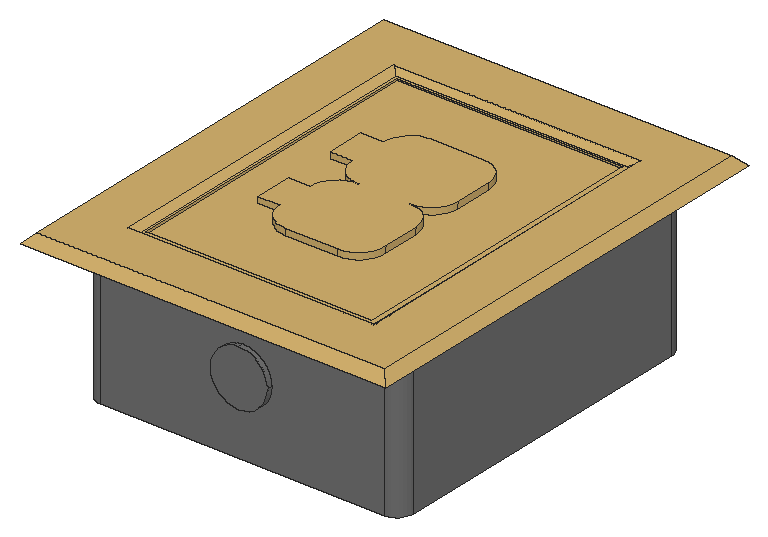
Revit family "Electrical_Equipment-Floor_Box-Hubbell_Wiring-1_Gang-Rectangular_Cast_Iron-B2414", category Electrical Fixtures, host Face, Revit 2015
Parameters (values of type "B2414 - 1 Gang - Brass Collar")
  Unit Height [instance] = 0' - 2"  # constant formula
  URL = "http://www.hubbell-wiring.com/"
  Product data url = "https://bimobject.com/hubbellwiring/product/systemone-b2414"
  Product Page URL = "http://ecatalog.hubbell-wiring.com/productinformation/viewcatalog.aspx?Dest=hubbell-wiring.com/press/catalog/L.pdf&Page=4"
  Product Documentation Link = "http://ecatalog.hubbell-wiring.com/press/catalog/L-12.pdf"
  Model = "B2414"
  Manufacturer = "Hubbell-Wiring"  # constant formula
  Floor Box Type = Cast Iron Concrete Floor Box : B2414 - Shallow Concrete Floor Box
  Description = "Flush Rectangular Cast Iron Concrete Floor Box"  # constant formula
  Default Elevation = 0' - 0"
  Cover Type [instance] = Covers : S3825 - Duplex Flap - Brass
  Cover Accessory Type [instance] = Carpet Flange : SB3083 - Carpet Flange - Brass
  Construction Note [instance] = "Match Collar Material to Cover"  # constant formula
  Conduit Connector_2 Description = "Conduit 0.75in. Connection"
  Conduit Connector_1 Description = "Conduit 0.75in. Connection"
  Conduit Connector 1 Radius = 0' - 0 3/8"
  Collar Material = Metal-Hubbell-Brass
  Box Material = Metal-Hubbell-Cast Iron
  Assembly Code = "D5020115"
Reference planes (in)
  plane 1 "Center (Front/Back)": y = 0
  plane 2: z = 0
  plane 3 "Center (Left/Right)": x = 0
  plane 4: y = -2.078
  plane 5: y = 2.078
  plane 6: x = -1.4965
  plane 7: x = 1.4965
Forms (in)
  Extrusion 1, void, detail levels fine
    sketch origin (0, 0, 0) x (1, 0, 0) y (0, 1, 0)
      loop
        line (-1.4965, 2.078) -> (-1.4965, -2.078) -> (1.4965, -2.078) -> (1.4965, 2.078) -> (-1.4965, 2.078)
    from 0 to -3.14844
Lines and regions (in)
  symbolic lines
    curve 1: line (-2.42578, 3, 0) -> (2.42578, 3, 0)
    curve 2: line (-2.42578, -3, 0) -> (-2.42578, 3, 0)
    curve 3: line (2.42578, -3, 0) -> (-2.42578, -3, 0)
    curve 4: line (2.42578, 3, 0) -> (2.42578, -3, 0)
Dimensions and locks (in)
  locked: host face to nested 3 at 0.04297
  plane 5 to plane 1 "Center (Front/Back)" to plane 4 = 0' - 2.078" locked, 0' - 2.078" locked
  plane 6 to plane 3 "Center (Left/Right)" to plane 7 = 0' - 1.4965" locked, 0' - 1.4965" locked
  Extrusion 1 to plane 3 "Center (Left/Right)" = 0' - 1.4965"
  aligned and locked: plane 2 to host face
  aligned and locked: level to host face
  aligned: level to Extrusion 1
  aligned and locked: plane 1 "Center (Front/Back)" to nested 1
  aligned: plane 2 to nested 1  (x4)
  aligned: Extrusion 1 to nested 1  (x9)
  aligned and locked: plane 1 "Center (Front/Back)" to nested 2
  aligned and locked: plane 3 "Center (Left/Right)" to nested 2
  aligned and locked: plane 3 "Center (Left/Right)" to nested 1
  aligned: nested 2 to plane 2  (x2)
  aligned: nested 2 to Extrusion 1
  aligned: Extrusion 1 to nested 2
  aligned and locked: nested 2 to plane 2
  aligned and locked: host face to Extrusion 1
  aligned and locked: plane 3 "Center (Left/Right)" to nested 3
  aligned and locked: plane 1 "Center (Front/Back)" to nested 3
  aligned and locked: Extrusion 1 to plane 5
  aligned and locked: Extrusion 1 to plane 4
  aligned and locked: plane 6 to Extrusion 1
  aligned and locked: plane 7 to Extrusion 1
  aligned and locked: curve 2 to nested 2
  aligned and locked: curve 3 to nested 2
  aligned and locked: curve 4 to nested 2
  aligned and locked: curve 1 to nested 2
Nested families (in)
  nested 1: "Cast Iron Concrete Floor Box" at (0, 0, 0), Unit Height <- "Unit Height", type <- "Floor Box Type", type "B2414 - Shallow Concrete Floor Box"
    with Unit Height 0' - 2"
  nested 2: "Carpet Flange" at (0, 0, 0), type <- "Cover Accessory Type", type "SB3083 - Carpet Flange - Brass"
  nested 3: "Covers" at (0, 0, -0.04297), type <- "Cover Type", type "S3825 - Duplex Flap - Brass"
Connectors (in)
  cabletrayconduit at (0, -2.4075, -1), diameter 0.75, driven by "Conduit Connector 1 Radius", driven by "Conduit Connector_1 Description"
    settings: on nested 1, index 1, connector width 1' - 0", connector height 1' - 0", connector angle 0.00°, system type 32, placement type 0, profile type 0, connector reference index -1, is primary connector yes, connector utility param no, connector description "Conduit 0.75in. Connection"
  cabletrayconduit at (0, 2.4075, -1), diameter 0.75, driven by "Conduit Connector 1 Radius", driven by "Conduit Connector_2 Description"
    settings: on nested 1, index 2, connector width 1' - 0", connector height 1' - 0", connector angle 0.00°, system type 32, placement type 0, profile type 0, connector reference index -1, is primary connector no, connector utility param no, connector description "Conduit 0.75in. Connection"
Definition of nested family "Cast Iron Concrete Floor Box"
  Parameters
    Unit Height [instance] = 0' - 2"
    Cover Material = none
    Conduit Connector Offset = 0' - 1"  # constant formula
    Conduit Connector 1 Radius = 0' - 0 3/8"
    Can Material = none
    Assembly Code = ""
  Reference planes (in)
    plane 1 "Center (Front/Back)": y = 0
    plane 2: z = 0
    plane 3 "Center (Left/Right)": x = 0
    plane 4: z = -2
    plane 5: z = -1
    plane 6: z = -0.82416
  Forms (in)
    Extrusion 1, solid, material <- "Can Material"
      sketch origin (0, 0, 0) x (1, 0, 0) y (0, 0, -1)
        loop
          arc (-0.375, 1) -> (-0.26517, 0.73483) -> (0, 0.625) r 0.375
          arc (0, 0.625) -> (0.26517, 0.73483) -> (0.375, 1) r 0.375
          arc (0.375, 1) -> (0.26517, 1.26517) -> (0, 1.375) r 0.375
          arc (0, 1.375) -> (-0.26517, 1.26517) -> (-0.375, 1) r 0.375
      from -2.13518 to -2.4075
    Extrusion 2, solid, material <- "Can Material"
      sketch origin (0, 0, 0) x (1, 0, 0) y (0, 0, 1)
        loop
          arc (-0.375, -1) -> (-0.26517, -1.26517) -> (0, -1.375) r 0.375
          arc (0, -1.375) -> (0.26517, -1.26517) -> (0.375, -1) r 0.375
          arc (0.375, -1) -> (0.26517, -0.73483) -> (0, -0.625) r 0.375
          arc (0, -0.625) -> (-0.26517, -0.73483) -> (-0.375, -1) r 0.375
      from -2.345 to -2.4075
    Extrusion 3, solid, material <- "Cover Material"
      sketch origin (0, 0, 0.22509) x (1, 0, 0) y (0, 1, 0)
        loop
          line (-1.4965, 2.078) -> (-1.4965, -2.078) -> (1.4965, -2.078) -> (1.4965, 2.078) -> (-1.4965, 2.078)
        loop
          arc (-1.49742, 2.345) -> (-1.57311, 2.31365) -> (-1.60446, 2.23796) r 0.10704
          line (-1.60446, 2.23796) -> (-1.60446, -2.23167)
          arc (-1.60446, -2.23167) -> (-1.57315, -2.30726) -> (-1.49756, -2.33857) r 0.1069
          line (-1.49756, -2.33857) -> (1.49823, -2.33857)
          arc (1.49823, -2.33857) -> (1.56869, -2.30939) -> (1.59787, -2.23893) r 0.09964
          line (1.59787, -2.23893) -> (1.59787, 2.24543)
          arc (1.59787, 2.24543) -> (1.56871, 2.31584) -> (1.4983, 2.345) r 0.09957
          line (1.4983, 2.345) -> (-1.49742, 2.345)
      from -0.39425 to -0.22509
    Extrusion 4, solid, material <- "Can Material"
      sketch origin (0.92025, 0.30752, 7.9375) x (1, 0, 0) y (0, 1, 0)
        loop
          arc (-2.80543, 2.03748) -> (-2.9538, 1.97602) -> (-3.01525, 1.82766) r 0.20982
          line (-3.01525, 1.82766) -> (-3.01525, -2.43885)
          arc (-3.01525, -2.43885) -> (-2.95455, -2.5854) -> (-2.80801, -2.6461) r 0.20725
          line (-2.80801, -2.6461) -> (0.95836, -2.6461)
          arc (0.95836, -2.6461) -> (1.11137, -2.58272) -> (1.17475, -2.42971) r 0.21639
          line (1.17475, -2.42971) -> (1.17475, 1.83391)
          arc (1.17475, 1.83391) -> (1.11513, 1.97785) -> (0.97118, 2.03748) r 0.20357
          line (0.97118, 2.03748) -> (-2.80543, 2.03748)
        loop
          line (-2.52471, 1.77048) -> (-2.52471, -2.38552) -> (0.67762, -2.38552) -> (0.67762, 1.77048) -> (-2.52471, 1.77048)
      from -9.9375 to -7.9375
    Extrusion 5, solid, material <- "Can Material"
      sketch origin (0, 0, 7.9375) x (1, 0, 0) y (0, 1, 0)
        loop
          line (-1.4965, 2.078) -> (-1.4965, -2.078) -> (1.4965, -2.078) -> (1.4965, 2.078) -> (-1.4965, 2.078)
        loop
          line (-1.60446, 2.23796) -> (-1.60446, -2.23167)
          arc (-1.60446, -2.23167) -> (-1.57315, -2.30726) -> (-1.49756, -2.33857) r 0.1069
          line (-1.49756, -2.33857) -> (1.49823, -2.33857)
          arc (1.49823, -2.33857) -> (1.56869, -2.30939) -> (1.59787, -2.23893) r 0.09964
          line (1.59787, -2.23893) -> (1.59787, 2.24543)
          arc (1.59787, 2.24543) -> (1.56871, 2.31584) -> (1.4983, 2.345) r 0.09957
          line (1.4983, 2.345) -> (-1.49742, 2.345)
          arc (-1.49742, 2.345) -> (-1.57311, 2.31365) -> (-1.60446, 2.23796) r 0.10704
      from -8.76166 to -8.10666
    Extrusion 6, solid, material <- "Cover Material"
      sketch origin (0, 0, 0) x (1, 0, 0) y (0, 1, 0)
        loop
          arc (-1.49742, 2.345) -> (-1.57311, 2.31365) -> (-1.60446, 2.23796) r 0.10704
          line (-1.60446, 2.23796) -> (-1.60446, -2.23167)
          arc (-1.60446, -2.23167) -> (-1.57315, -2.30726) -> (-1.49756, -2.33857) r 0.1069
          line (-1.49756, -2.33857) -> (1.49823, -2.33857)
          arc (1.49823, -2.33857) -> (1.56869, -2.30939) -> (1.59787, -2.23893) r 0.09964
          line (1.59787, -2.23893) -> (1.59787, 2.24543)
          arc (1.59787, 2.24543) -> (1.56871, 2.31584) -> (1.4983, 2.345) r 0.09957
          line (1.4983, 2.345) -> (-1.49742, 2.345)
        loop
          line (-1.4965, 2.078) -> (-1.4965, -2.078) -> (1.4965, -2.078) -> (1.4965, 2.078) -> (-1.4965, 2.078)
      from 0 to 0.0625
    Extrusion 7, solid, material <- "Can Material"
      sketch origin (0.92025, 0.30752, 7.9375) x (1, 0, 0) y (0, 1, 0)
        loop
          arc (-2.80543, 2.03748) -> (-2.9538, 1.97602) -> (-3.01525, 1.82766) r 0.20982
          line (-3.01525, 1.82766) -> (-3.01525, -2.43885)
          arc (-3.01525, -2.43885) -> (-2.95455, -2.5854) -> (-2.80801, -2.6461) r 0.20725
          line (-2.80801, -2.6461) -> (0.95836, -2.6461)
          arc (0.95836, -2.6461) -> (1.11137, -2.58272) -> (1.17475, -2.42971) r 0.21639
          line (1.17475, -2.42971) -> (1.17475, 1.83391)
          arc (1.17475, 1.83391) -> (1.11513, 1.97785) -> (0.97118, 2.03748) r 0.20357
          line (0.97118, 2.03748) -> (-2.80543, 2.03748)
      from -9.9375 to -9.78857
  Cuts and joins
    joined: Extrusion 1, Extrusion 2, Extrusion 4, Extrusion 5, Extrusion 7
    joined: Extrusion 3, Extrusion 6
  Dimensions and locks (in)
    "Conduit Connector Offset": plane 5 to plane 4
    "Unit Height": level to plane 4
    "Conduit Connector 1 Radius": radius of Extrusion 1 sketch curve
    "Conduit Connector 1 Radius": radius of Extrusion 2 sketch curve
    aligned and locked: plane 2 to level
    aligned: cut or joined group of Extrusion 1, Extrusion 2, Extrusion 4, Extrusion 5, Extrusion 7 to cut or joined group of Extrusion 1, Extrusion 2, Extrusion 4, Extrusion 5, Extrusion 7  (x7)
    aligned: plane 2 to Extrusion 3
    aligned: Extrusion 4 to cut or joined group of Extrusion 1, Extrusion 2, Extrusion 4, Extrusion 5, Extrusion 7
    aligned: plane 4 to Extrusion 4
    aligned and locked: level to Extrusion 3
    aligned: cut or joined group of Extrusion 1, Extrusion 2, Extrusion 4, Extrusion 5, Extrusion 7 to plane 4  (x5)
    aligned: cut or joined group of Extrusion 1, Extrusion 2, Extrusion 4, Extrusion 5, Extrusion 7 to Extrusion 3
    aligned and locked: cut or joined group of Extrusion 1, Extrusion 2, Extrusion 4, Extrusion 5, Extrusion 7 to plane 4
    aligned: plane 5 to Extrusion 4
    aligned: Extrusion 5 to plane 5
    aligned: plane 5 to cut or joined group of Extrusion 1, Extrusion 2, Extrusion 4, Extrusion 5, Extrusion 7
    aligned and locked: Extrusion 3 to Extrusion 5
    aligned: Extrusion 5 to plane 6
    aligned: Extrusion 4 to Extrusion 5
    aligned and locked: cut or joined group of Extrusion 1, Extrusion 2, Extrusion 4, Extrusion 5, Extrusion 7 to cut or joined group of Extrusion 1, Extrusion 2, Extrusion 4, Extrusion 5, Extrusion 7
    aligned: plane 1 "Center (Front/Back)" to cut or joined group of Extrusion 1, Extrusion 2, Extrusion 4, Extrusion 5, Extrusion 7  (x2)
    aligned and locked: level to Extrusion 4
  Automatic sketch dimensions
    Extrusion 1 sketch curve to Extrusion 1 sketch curve = 0' - 0"
    Extrusion 1 sketch curve to plane 5 = 0' - 0"
    Extrusion 1 sketch curve to plane 3 "Center (Left/Right)" = 0' - 0"
    Extrusion 2 sketch curve to Extrusion 2 sketch curve = 0' - 0"
    Extrusion 2 sketch curve to plane 5 = 0' - 0"
    Extrusion 2 sketch curve to plane 3 "Center (Left/Right)" = 0' - 0"
    Extrusion 5 sketch curve to plane 3 "Center (Left/Right)" = 0' - 1.4965"
    plane 3 "Center (Left/Right)" to Extrusion 5 sketch curve = 0' - 1.4965"
    Extrusion 5 sketch curve to plane 1 "Center (Front/Back)" = 0' - 2.078"
    plane 1 "Center (Front/Back)" to Extrusion 5 sketch curve = 0' - 2.078"
    Extrusion 3 sketch curve to plane 3 "Center (Left/Right)" = 0' - 1.60446"
    Extrusion 3 sketch curve to Extrusion 3 sketch curve = 0' - 0.1069"
    Extrusion 3 sketch curve to Extrusion 3 sketch curve = 0' - 0.10704"
    Extrusion 3 sketch curve to Extrusion 3 sketch curve = 0' - 0.00106"
    plane 3 "Center (Left/Right)" to Extrusion 3 sketch curve = 0' - 1.4965"
    Extrusion 3 sketch curve to Extrusion 3 sketch curve = 0' - 0.00173"
    Extrusion 3 sketch curve to Extrusion 3 sketch curve = 0' - 0.0018"
    plane 1 "Center (Front/Back)" to Extrusion 3 sketch curve = 0' - 2.33857"
    Extrusion 3 sketch curve to Extrusion 3 sketch curve = 0' - 0.16093"
    Extrusion 3 sketch curve to plane 1 "Center (Front/Back)" = 0' - 2.078"
    Extrusion 3 sketch curve to Extrusion 3 sketch curve = 0' - 0.15996"
    Extrusion 3 sketch curve to Extrusion 3 sketch curve = 0' - 0.09957"
    Extrusion 5 sketch curve to Extrusion 5 sketch curve = 0' - 0.00092"
    Extrusion 5 sketch curve to Extrusion 5 sketch curve = 0' - 0.00106"
    Extrusion 5 sketch curve to Extrusion 5 sketch curve = 0' - 0.10704"
    Extrusion 5 sketch curve to Extrusion 5 sketch curve = 0' - 0.00173"
    Extrusion 5 sketch curve to Extrusion 5 sketch curve = 0' - 0.0018"
    Extrusion 5 sketch curve to Extrusion 5 sketch curve = 0' - 0.09964"
    Extrusion 5 sketch curve to Extrusion 5 sketch curve = 0' - 0.15367"
    Extrusion 5 sketch curve to Extrusion 5 sketch curve = 0' - 0.15996"
    Extrusion 6 sketch curve to plane 3 "Center (Left/Right)" = 0' - 1.60446"
    Extrusion 6 sketch curve to Extrusion 6 sketch curve = 0' - 0.1069"
    Extrusion 6 sketch curve to Extrusion 6 sketch curve = 0' - 0.10704"
    plane 3 "Center (Left/Right)" to Extrusion 6 sketch curve = 0' - 1.49823"
    plane 3 "Center (Left/Right)" to Extrusion 6 sketch curve = 0' - 1.4983"
    Extrusion 6 sketch curve to Extrusion 6 sketch curve = 0' - 0.09957"
    plane 1 "Center (Front/Back)" to Extrusion 6 sketch curve = 0' - 2.33857"
    Extrusion 6 sketch curve to plane 1 "Center (Front/Back)" = 0' - 2.23796"
    Extrusion 6 sketch curve to Extrusion 6 sketch curve = 0' - 0.00092"
    Extrusion 6 sketch curve to Extrusion 6 sketch curve = 0' - 0.0018"
    Extrusion 6 sketch curve to Extrusion 6 sketch curve = 0' - 0.15367"
    Extrusion 6 sketch curve to Extrusion 6 sketch curve = 0' - 0.15996"
    Extrusion 4 sketch curve to plane 3 "Center (Left/Right)" = 0' - 2.095"
    Extrusion 4 sketch curve to Extrusion 4 sketch curve = 0' - 0.20725"
    Extrusion 4 sketch curve to Extrusion 4 sketch curve = 0' - 0.20982"
    Extrusion 4 sketch curve to Extrusion 4 sketch curve = 0' - 0.28073"
    plane 3 "Center (Left/Right)" to Extrusion 4 sketch curve = 0' - 1.59787"
    Extrusion 4 sketch curve to Extrusion 4 sketch curve = 0' - 0.28074"
    Extrusion 4 sketch curve to Extrusion 4 sketch curve = 0' - 0.29356"
    Extrusion 4 sketch curve to Extrusion 4 sketch curve = 0' - 0.20357"
    plane 1 "Center (Front/Back)" to Extrusion 4 sketch curve = 0' - 2.33857"
    Extrusion 4 sketch curve to Extrusion 4 sketch curve = 0' - 0.05333"
    Extrusion 4 sketch curve to plane 1 "Center (Front/Back)" = 0' - 2.078"
    Extrusion 4 sketch curve to Extrusion 4 sketch curve = 0' - 0.05718"
    Extrusion 7 sketch curve to plane 3 "Center (Left/Right)" = 0' - 2.095"
    Extrusion 7 sketch curve to Extrusion 7 sketch curve = 0' - 0.20725"
    Extrusion 7 sketch curve to Extrusion 7 sketch curve = 0' - 0.20982"
    Extrusion 7 sketch curve to Extrusion 7 sketch curve = 0' - 0.20357"
    plane 1 "Center (Front/Back)" to Extrusion 7 sketch curve = 0' - 2.33857"
    plane 3 "Center (Left/Right)" to Extrusion 7 sketch curve = 0' - 1.87861"
    plane 3 "Center (Left/Right)" to Extrusion 7 sketch curve = 0' - 1.89143"
    Extrusion 7 sketch curve to plane 1 "Center (Front/Back)" = 0' - 2.13518"
Definition of nested family "Carpet Flange"
  Parameters
    Width = 0' - 6"
    Length = 0' - 4 109/128"  # constant formula
    Cover Material = none
    Carpet Flange On = yes
    Assembly Code = ""
  Reference planes (in)
    plane 1 "Center (Front/Back)": y = 0
    plane 2: z = 0
    plane 3 "Center (Left/Right)": x = 0
    plane 4: z = 0.125
  Forms (in)
    Sweep 1, solid, material <- "Cover Material", visible <- "Carpet Flange On"
      path in 3D
        loop
          line (-2.42578, -3, 0) -> (2.42578, -3, 0) -> (2.42578, 3, 0) -> (-2.42578, 3, 0) -> (-2.42578, -3, 0)
      profile origin (-2.42578, 0, 0) x (1, 0, 0) y (0, 0, 1)
        loop
          line (0, 0) -> (0.91498, 0) -> (0.91498, 0.03877) -> (0.79, 0.125) -> (0.125, 0.125) -> (0, 0)
  Lines and regions (in)
    Masking region 1
      outline origin (3.27995, 0.00006, 0) x (1, 0, 0) y (0, 1, 0)
        loop
          line (-5.70573, 3.00006) -> (-5.70573, -3.00006) -> (-0.85417, -3.00006) -> (-0.85417, 3.00006) -> (-5.70573, 3.00006)
    reference lines
      curve 1: line (-2.42578, 3, 0) -> (-2.42578, -3, 0)
      curve 2: line (-2.42578, -3, 0) -> (2.42578, -3, 0)
      curve 3: line (2.42578, -3, 0) -> (2.42578, 3, 0)
      curve 4: line (2.42578, 3, 0) -> (-2.42578, 3, 0)
    sketch lines
      curve 5: line (-2.42578, 3, 0) -> (-2.42578, -3, 0)
      curve 6: line (2.42578, 3, 0) -> (-2.42578, 3, 0)
      curve 7: line (2.42578, -3, 0) -> (2.42578, 3, 0)
      curve 8: line (-2.42578, -3, 0) -> (2.42578, -3, 0)
  Dimensions and locks (in)
    "Length": curve 1 to curve 3
    equal spacing: curve 1, plane 3 "Center (Left/Right)", curve 3
    aligned and locked: plane 2 to level
    aligned and locked: curve 7 to curve 3
    aligned and locked: Masking region 1 to curve 3
    aligned and locked: Masking region 1 to curve 1
    aligned and locked: curve 5 to curve 1
  Automatic sketch dimensions
    plane 1 "Center (Front/Back)" to curve 1 = 0' - 3"
    curve 3 to plane 1 "Center (Front/Back)" = 0' - 3"
    Masking region 1 sketch curve to plane 3 "Center (Left/Right)" = 0' - 2 109/256"
    plane 3 "Center (Left/Right)" to Masking region 1 sketch curve = 0' - 2 109/256"
    plane 1 "Center (Front/Back)" to Masking region 1 sketch curve = 0' - 3"
    Masking region 1 sketch curve to plane 1 "Center (Front/Back)" = 0' - 3.00011"
    profile plane to Sweep 1 sketch curve = 0' - 0"  (x2)
    Sweep 1 sketch curve to plane 4 = 0' - 0"
    Sweep 1 sketch curve to profile plane = 0' - 0"  (x2)
    Sweep 1 sketch curve to profile plane = 0' - 0 1/8"
    Sweep 1 sketch curve to Sweep 1 sketch curve = 0' - 0.665"
    Sweep 1 sketch curve to Sweep 1 sketch curve = 0' - 0 1/8"
    profile plane to Sweep 1 sketch curve = 0' - 0.03877"
Definition of nested family "Covers"
  Parameters
    Style Line Flap = no
    Duplex Screw = no
    Duplex Flap = yes
    Cover Material = none
    Combination Flap = no
    Box = yes
    Assembly Code = ""
  Reference planes (in)
    plane 1 "Center (Front/Back)": y = 0
    plane 2: z = 0
    plane 3 "Center (Left/Right)": x = 0
  Forms (in)
    Extrusion 1, solid, material <- "Cover Material", visible <- "Duplex Flap", detail levels medium+fine
      sketch origin (0, 0, -0.03016) x (1, 0, 0) y (0, 1, 0)
        loop
          arc (-0.34332, 1.20711) -> (-0.59332, 1.10355) -> (-0.69687, 0.85355) r 0.35355
          line (-0.69687, 0.85355) -> (-0.98976, 0.85355) -> (-0.98976, 0.35355) -> (-0.69687, 0.35355)
          arc (-0.69687, 0.35355) -> (-0.59332, 0.10355) -> (-0.34332, 0) r 0.35355
          arc (-0.34332, 0) -> (-0.59332, -0.10355) -> (-0.69687, -0.35355) r 0.35355
          line (-0.69687, -0.35355) -> (-0.98976, -0.35355) -> (-0.98976, -0.85355) -> (-0.69687, -0.85355)
          arc (-0.69687, -0.85355) -> (-0.59332, -1.10355) -> (-0.34332, -1.20711) r 0.35355
          line (-0.34332, -1.20711) -> (0.34332, -1.20711)
          arc (0.34332, -1.20711) -> (0.59332, -1.10355) -> (0.69687, -0.85355) r 0.35355
          line (0.69687, -0.85355) -> (0.69687, -0.35355)
          arc (0.69687, -0.35355) -> (0.59332, -0.10355) -> (0.34332, 0) r 0.35355
          arc (0.34332, 0) -> (0.59332, 0.10355) -> (0.69687, 0.35355) r 0.35355
          line (0.69687, 0.35355) -> (0.69687, 0.85355)
          arc (0.69687, 0.85355) -> (0.59332, 1.10355) -> (0.34332, 1.20711) r 0.35355
          line (0.34332, 1.20711) -> (-0.34332, 1.20711)
      from 0.12 to 0.20228
    Extrusion 2, solid, material <- "Cover Material", visible <- "Combination Flap", detail levels medium+fine
      sketch origin (0.0053, 0, -0.03016) x (1, 0, 0) y (0, 1, 0)
        loop
          circle (0, 0) r 1
        loop
          line (-0.08565, 0.54465) -> (-0.08565, -0.54465) -> (0.0625, -0.54465) -> (0.0625, 0.54465) -> (-0.08565, 0.54465)
      from 0.12 to 0.20228
    Extrusion 3, solid, material <- "Cover Material", visible <- "Duplex Screw", detail levels medium+fine
      sketch origin (0.01567, 0.75003, -0.03016) x (1, 0, 0) y (0, 1, 0)
        loop
          circle (-0.01567, -0.00003) r 0.75
        loop
          line (-0.07309, 0.39733) -> (-0.07309, -0.41965) -> (0.0625, -0.41965) -> (0.0625, 0.39733) -> (-0.07309, 0.39733)
      from 0.12 to 0.20228
    Extrusion 4, solid, material <- "Cover Material", visible <- "Duplex Screw", detail levels medium+fine
      sketch origin (-0.01567, -0.75003, -0.03016) x (-1, 0, 0) y (0, -1, 0)
        loop
          circle (-0.01567, -0.00003) r 0.75
        loop
          line (-0.07309, 0.39733) -> (-0.07309, -0.41965) -> (0.0625, -0.41965) -> (0.0625, 0.39733) -> (-0.07309, 0.39733)
      from 0.12 to 0.20228
    Extrusion 5, solid, material <- "Cover Material", visible <- "Box"
      sketch origin (0, 0, 0.38984) x (1, 0, 0) y (0, 1, 0)
        loop
          line (-1.4965, 2.078) -> (-1.4965, -2.078) -> (1.4965, -2.078) -> (1.4965, 2.078) -> (-1.4965, 2.078)
      from -0.44 to -0.3
    Extrusion 6, solid, material <- "Cover Material", visible <- "Style Line Flap", detail levels medium+fine
      sketch origin (0, 0, -0.03016) x (1, 0, 0) y (0, 1, 0)
        loop
          line (-0.69687, 1.20711) -> (-0.69687, 0.85355) -> (-0.98976, 0.85355) -> (-0.98976, 0.35355) -> (-0.69687, 0.35355) -> (-0.69687, -0.35355) -> (-0.98976, -0.35355) -> (-0.98976, -0.85355) -> (-0.69687, -0.85355) -> (-0.69687, -1.20711) -> (0.69687, -1.20711) -> (0.69687, -0.24767) -> (0.69687, 1.20711) -> (-0.69687, 1.20711)
      from 0.12 to 0.20228
  Lines and regions (in)
    Masking region 1, detail levels medium+fine
      outline origin (0, 0, 0) x (1, 0, 0) y (0, 1, 0)
        loop
          line (-1.4965, 2.078) -> (-1.4965, -2.078) -> (1.4965, -2.078) -> (1.4965, 2.078) -> (-1.4965, 2.078)
    symbolic lines, visible <- "Duplex Screw", detail levels fine
      curve 1: arc (0, 1.5, 0) -> (-0.75, 0.75, 0) -> (0, 0, 0) r 0.75
      curve 2: arc (0, 0, 0) -> (0.75, 0.75, 0) -> (0, 1.5, 0) r 0.75
      curve 3: line (0.07893, 1.16886, 0) -> (0.07893, 0.35188, 0)
      curve 4: line (0.07893, 0.35188, 0) -> (-0.05666, 0.35188, 0)
      curve 5: line (-0.05666, 0.35188, 0) -> (-0.05666, 1.16886, 0)
      curve 6: line (-0.05666, 1.16886, 0) -> (0.07893, 1.16886, 0)
      curve 7: arc (0, 0, 0) -> (-0.75, -0.75, 0) -> (0, -1.5, 0) r 0.75
      curve 8: arc (0, -1.5, 0) -> (0.75, -0.75, 0) -> (0, 0, 0) r 0.75
      curve 9: line (-0.05666, -1.14812, 0) -> (-0.05666, -0.33114, 0)
      curve 10: line (0.07893, -1.14812, 0) -> (-0.05666, -1.14812, 0)
      curve 11: line (0.07893, -0.33114, 0) -> (0.07893, -1.14812, 0)
      curve 12: line (-0.05666, -0.33114, 0) -> (0.07893, -0.33114, 0)
    symbolic lines, visible <- "Duplex Flap", detail levels fine
      curve 13: arc (-0.69687, -0.85355, 0) -> (-0.59332, -1.10355, 0) -> (-0.34332, -1.20711, 0) r 0.35355
      curve 14: line (-0.34332, -1.20711, 0) -> (0.34332, -1.20711, 0)
      curve 15: arc (0.34332, -1.20711, 0) -> (0.59332, -1.10355, 0) -> (0.69687, -0.85355, 0) r 0.35355
      curve 16: line (0.69687, -0.85355, 0) -> (0.69687, -0.35355, 0)
      curve 17: arc (0.69687, -0.35355, 0) -> (0.59332, -0.10355, 0) -> (0.34332, 0, 0) r 0.35355
      curve 18: arc (0.34332, 0, 0) -> (0.59332, 0.10355, 0) -> (0.69687, 0.35355, 0) r 0.35355
      curve 19: line (0.69687, 0.35355, 0) -> (0.69687, 0.85355, 0)
      curve 20: arc (0.69687, 0.85355, 0) -> (0.59332, 1.10355, 0) -> (0.34332, 1.20711, 0) r 0.35355
      curve 21: line (0.34332, 1.20711, 0) -> (-0.34332, 1.20711, 0)
      curve 22: arc (-0.34332, 1.20711, 0) -> (-0.59332, 1.10355, 0) -> (-0.69687, 0.85355, 0) r 0.35355
      curve 23: line (-0.69687, 0.85355, 0) -> (-0.98976, 0.85355, 0)
      curve 24: line (-0.98976, 0.85355, 0) -> (-0.98976, 0.35355, 0)
      curve 25: line (-0.98976, 0.35355, 0) -> (-0.69687, 0.35355, 0)
      curve 26: arc (-0.69687, 0.35355, 0) -> (-0.59332, 0.10355, 0) -> (-0.34332, 0, 0) r 0.35355
      curve 27: arc (-0.34332, 0, 0) -> (-0.59332, -0.10355, 0) -> (-0.69687, -0.35355, 0) r 0.35355
      curve 28: line (-0.69687, -0.35355, 0) -> (-0.98976, -0.35355, 0)
      curve 29: line (-0.98976, -0.35355, 0) -> (-0.98976, -0.85355, 0)
      curve 30: line (-0.98976, -0.85355, 0) -> (-0.69687, -0.85355, 0)
    symbolic lines, visible <- "Combination Flap", detail levels fine
      curve 31: arc (-0.9947, 0, 0) -> (0.0053, -1, 0) -> (1.0053, 0, 0) r 1
      curve 32: arc (1.0053, 0, 0) -> (0.0053, 1, 0) -> (-0.9947, 0, 0) r 1
      curve 33: line (-0.08035, -0.54465, 0) -> (-0.08035, 0.54465, 0)
      curve 34: line (-0.08035, 0.54465, 0) -> (0.0678, 0.54465, 0)
      curve 35: line (0.0678, 0.54465, 0) -> (0.0678, -0.54465, 0)
      curve 36: line (0.0678, -0.54465, 0) -> (-0.08035, -0.54465, 0)
    symbolic lines, visible <- "Style Line Flap", detail levels fine
      curve 37: line (0.69687, 1.20711, 0) -> (-0.69687, 1.20711, 0)
      curve 38: line (-0.69687, 1.20711, 0) -> (-0.69687, 0.85355, 0)
      curve 39: line (-0.69687, 0.85355, 0) -> (-0.98976, 0.85355, 0)
      curve 40: line (-0.98976, 0.85355, 0) -> (-0.98976, 0.35355, 0)
      curve 41: line (-0.98976, 0.35355, 0) -> (-0.69687, 0.35355, 0)
      curve 42: line (-0.69687, 0.35355, 0) -> (-0.69687, -0.35355, 0)
      curve 43: line (-0.69687, -0.35355, 0) -> (-0.98976, -0.35355, 0)
      curve 44: line (-0.98976, -0.35355, 0) -> (-0.98976, -0.85355, 0)
      curve 45: line (-0.98976, -0.85355, 0) -> (-0.69687, -0.85355, 0)
      curve 46: line (-0.69687, -0.85355, 0) -> (-0.69687, -1.20711, 0)
      curve 47: line (-0.69687, -1.20711, 0) -> (0.69687, -1.20711, 0)
      curve 48: line (0.69687, -1.20711, 0) -> (0.69687, -0.24767, 0)
      curve 49: line (0.69687, -0.24767, 0) -> (0.69687, 1.20711, 0)
  Dimensions and locks (in)
    aligned and locked: plane 2 to level
